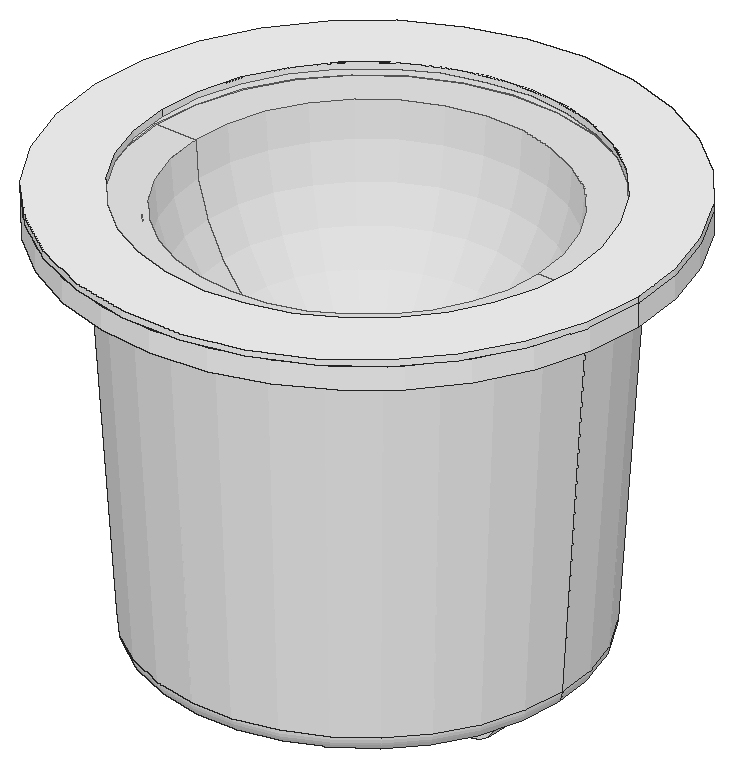
Revit family "2058884 Feilo Sylvania Lighting Fixture MYRD IP ST 3K PHDM BLK WBEZ", category Lighting Fixtures, host Face, Revit 2017
Family settings
  Host = Face
  Round Connector Dimension = Use Diameter
  Part Type = Normal
  OmniClass Number = 23.80.70.11.17
  OmniClass Title = Specialized Lighting by Location or Use
  Cut with Voids When Loaded = No
  Light Source = Yes
  Shared = No
  Room Calculation Point = No
Parameters
  Weight = "0.44 kg"
  Wattage = 10 W
  WarrantyStartDate [instance] = "n/a"
  WarrantyGuarantorParts = "n/a"
  WarrantyDurationUnit = "n/a"
  WarrantyDurationParts = "n/a"
  WarrantyDescription = "n/a"
  built-in parameter 1150110 = 1 (stored number, unit not read)
  Voltage = 230 V
  URL = "http://www.sylvania-lighting.com"
  TypeName = "MYRD IP ST 3K PHDM BLK WBEZ"
  Type Image = 0
  Type Comments = ""
  built-in parameter 1114217 = 1 (stored number, unit not read)
  Tilt Angle = -90°
  built-in parameter 1150109 = 1 (stored number, unit not read)
  built-in parameter 1150134 = (empty or 0)
  built-in parameter 1150113 = 1 (stored number, unit not read)
  SerialNumber [instance] = "n/a"
  Reflector Radius = Cutout Diameter / 2 - 2.5 mm  # 35.0 mm
  Reflector Material = Aluminum_Sylvania_Myriad_Bright
  Recessed Depth = Height  # 72.0 mm
  PowerFactor = 0
  PowerConsumption = "10 W"
  Photometric Web File = ""
  NominalWidth = 0.0 mm
  NominalLength = 76.0 mm
  NominalHeight = 72.0 mm
  Name = "MYRD IP ST 3K PHDM BLK WBEZ"
  ModelReference = "MYRD IP ST 3K PHDM BLK WBEZ"
  ModelNumber = "2058884"
  Material = "Aluminium"
  ManufacturerName = "Feilo Sylvania"
  LuminousEfficacy = "111 lm/W"
  LuminaireType = "Ceiling recessed"
  LightOutputRatio = "1"
  LampsType = Lamp  # "LED"
  LampNominalLuminous = "1106 lm"
  LampMacAdamStep = "n/a"
  LampColourTemperature = "3000 K"
  LampColourRenderingIndex = "n/a"
  Keynote = "16500"
  Keynote_2 = "16500"
  InstallationDate [instance] = "n/a"
  InputVoltage = "230-240V~"
  InputNominalFrequency = "50/60 Hz"
  IngressProtection = "IP65"
  ImpactProtectionIndex = "IK02"
  IfcExportType = "IfcLightFixtureType"
  IfcExportAs = "IfcLightFixtureType"
  Height = 72.0 mm  # constant formula
  ExpectedLife = 50000
  Emit from Circle Diameter = Accessory Inner Diameter 2  # 68.0 mm
  Emit Shape Visible in Rendering = no
  ElectricShockClassification = "Class II"
  DurationUnit = "hours"
  DocumentationLiterature = "http://www.sylvania-lighting.com/product/en-int/products/2058884"
  DimmingControlOptions = "Dimmable"
  Diffuser Material = Glass_Sylvania_Myriad_Clear_4000K
  Diffuser Diameter = Cutout Diameter  # 75.0 mm
  Cutout Diameter = 75.0 mm  # constant formula
  CreatedOn = "03-11-2017"
  CreatedBy = ""
  Cost = 0
  built-in parameter 1114216 [instance] = 1 (stored number, unit not read)
  built-in parameter 1150142 = (empty or 0)
  Model = "MYRD IP ST 3K PHDM BLK WBEZ"
  Manufacturer = "Feilo Sylvania"  # constant formula
  built-in parameter 1150105 = 88.331 (stored number, unit not read)
  Lumens = 1110 lm
  built-in parameter 1150115 = 1 (stored number, unit not read)
  built-in parameter 1150137 = (empty or 0)
  built-in parameter 1150139 = (empty or 0)
  built-in parameter 1150112 = 1 (stored number, unit not read)
  built-in parameter 1150114 = 1 (stored number, unit not read)
  Lamp = "LED"
  built-in parameter 1150132 = (empty or 0)
  built-in parameter 1150102 = (empty or 0)
  built-in parameter 1150107 = 3000 (stored number, unit not read)
  built-in parameter 1150138 = (empty or 0)
  built-in parameter 1150106 = 0.88331 (stored number, unit not read)
  built-in parameter 1150104 = 10.312 (stored number, unit not read)
  Dimming Lamp Color Temperature Shift = (empty or 0)
  Description = "Supplied complete with electronic control gear Compact Fluorescent low energy downlight Emergency version passes through the cut out Ideal for low level orientation lighting New range of Architectural accessories each providing a different lit dimension New completely flush plaster up accessory ring for clean ceiling lines and smooth finish Order lamp separately"  # constant formula
  Default Elevation = 0.0 mm
  Color Filter = 16777215
  built-in parameter 1140040 [instance] = 1
  Body Radius = Reflector Radius + 1.5 mm  # 36.5 mm
  Body Material = Aluminum_Sylvania_Myriad_Gray
  BarCode [instance] = "n/a"
  built-in parameter 1114218 = 1 (stored number, unit not read)
  built-in parameter 1150133 = 10 (stored number, unit not read)
  AssetType = "Fixed"
  AssetIdentifier [instance] = "n/a"
  Assembly Code = "D5020200"
  Apparent Load = 10 VA
  Accessory Material = Aluminum_Sylvania_Myriad_White
  Accessory Inner Diameter 2 = Accessory Diameter - 22.0 mm  # 68.0 mm
  Accessory Inner Diameter 1 = Accessory Diameter - 2.0 mm  # 88.0 mm
  Accessory Diameter = Cutout Diameter + 15.0 mm  # 90.0 mm
Reference planes
  plane 1 "Center (Front/Back)": y = 0
  plane 2: z = 0
  plane 3 "Center (Left/Right)": x = 0
  plane 4: z = 2
  plane 5 "Fixture Bottom": z = 4.5
  plane 6: z = -28.5
  plane 7: z = -61.5
  plane 8 "Fixture Top": z = -67.5
  plane 9: z = 3.5
Forms (mm)
  Revolve 1, solid, material "Aluminum_Sylvania_Myriad_Bright" <- "Reflector Material", detail levels fine
    sketch origin (0, 0, 0) x (1, 0, 0) y (0, 0, 1)
      loop
        line (0, -27.515) -> (-6, -27.515)
        arc (-6, -27.515) -> (-22.333, -16.632) -> (-28.5, 2) r 30.135
        line (-28.5, 2) -> (-35, 2) -> (-35, 0) -> (-29.184, 0)
        arc (-29.184, 0) -> (-22.423, -18.18) -> (-6, -28.5) r 30.204
        line (-6, -28.5) -> (0, -28.5) -> (0, -27.515)
      axis (0, -28.5) -> (0, 2)
    angle from 0 to 360
  Revolve 2, solid, material "Aluminum_Sylvania_Myriad_Gray" <- "Body Material", detail levels fine
    sketch origin (0, 0, 0) x (1, 0, 0) y (0, 0, 1)
      loop
        line (-44, 2) -> (-44, 0) -> (-36.5, 0) -> (-32.42, -58.708)
        arc (-32.42, -58.708) -> (-31.474, -60.694) -> (-29.428, -61.5) r 3
        line (-29.428, -61.5) -> (0, -61.5) -> (0, -28.5) -> (-6, -28.5)
        arc (-6, -28.5) -> (-22.423, -18.18) -> (-29.184, 0) r 30.204
        line (-29.184, 0) -> (-35, 0) -> (-35, 2) -> (-44, 2)
      axis (0, 2) -> (0, -61.5)
    angle from 0 to 360
  Extrusion 3, solid, material "Aluminum_Sylvania_Myriad_Gray" <- "Body Material", detail levels fine
    sketch origin (0, 0, 0) x (1, 0, 0) y (0, 0, 1)
      loop
        line (-13.5, -67.5) -> (21, -67.5)
        arc (21, -67.5) -> (23.828, -66.328) -> (25, -63.5) r 4
        line (25, -63.5) -> (25, -61.5) -> (-17.5, -61.5) -> (-17.5, -63.5)
        arc (-17.5, -63.5) -> (-16.328, -66.328) -> (-13.5, -67.5) r 4
    from -4.5 to 4.5
  Extrusion 4, solid, material "Aluminum_Sylvania_Myriad_White" <- "Accessory Material", detail levels fine
    sketch origin (0, 0, 0) x (1, 0, 0) y (0, 1, 0)
      loop
        circle (0, 0) r 45
      loop
        circle (0, 0) r 44
    from 0 to 3.5
  Extrusion 5, solid, material "Aluminum_Sylvania_Myriad_White" <- "Accessory Material", detail levels fine
    sketch origin (0, 0, 0) x (1, 0, 0) y (0, 1, 0)
      loop
        circle (0, 0) r 45
      loop
        circle (0, 0) r 34
    from 3.5 to 4.5
  Extrusion 6, solid, material "Aluminum_Sylvania_Myriad_White" <- "Accessory Material", detail levels coarse+medium
    sketch origin (0, 0, 0) x (1, 0, 0) y (0, 1, 0)
      loop
        circle (0, 0) r 45
    from 0 to 4.5
  Revolve 7, solid, detail levels coarse+medium
    sketch origin (0, 0, 0) x (1, 0, 0) y (0, 0, 1)
      loop
        line (36.5, 0) -> (0, 0) -> (0, -61.5) -> (32.226, -61.5) -> (36.5, 0)
      axis (0, 0) -> (0, -61.5)
    angle from 0 to 360
  Extrusion 8, void
    sketch origin (0, 0, 0) x (1, 0, 0) y (0, 1, 0)
      loop
        circle (0, 0) r 37.5
    from -67.5 to 0
  Extrusion 9, solid, material "Glass_Sylvania_Myriad_Clear_4000K" <- "Diffuser Material", detail levels fine
    sketch origin (0, 0, 0) x (1, 0, 0) y (0, 1, 0)
      loop
        circle (0, 0) r 37.5
    from 2 to 3.5
Cuts and joins
  joined: Extrusion 4, Extrusion 5
Lines and regions (mm)
  Masking region 1
    outline origin (0, 0, 0) x (1, 0, 0) y (0, 1, 0)
      loop
        circle (0, 0) r 45
  symbolic lines
    curve 1: arc (-34, 0, 0) -> (0, 34, 0) -> (34, 0, 0) r 34
    curve 2: arc (34, 0, 0) -> (0, -34, 0) -> (-34, 0, 0) r 34
Dimensions and locks
  locked: plane 7 to plane 8 "Fixture Top" at 6
  "Body Radius": Revolve 7 sketch curve to plane 3 "Center (Left/Right)"
  locked: Revolve 7 sketch curve to Revolve 7 sketch curve at 4.274
  plane 5 "Fixture Bottom" to plane 9 to plane 4 to plane 2 to plane 6 = 1.0 mm locked, 1.5 mm locked, 2.0 mm locked, 28.5 mm locked
  "Reflector Radius": Revolve 1 sketch curve to plane 3 "Center (Left/Right)"
  Revolve 1 sketch curve to Revolve 1 sketch curve to Revolve 1 sketch curve to Revolve 1 sketch curve = 6.5 mm locked, 22.5 mm locked, 0.0 mm locked
  "Reflector Radius": plane 3 "Center (Left/Right)" to Revolve 2 sketch curve
  Revolve 2 sketch curve to Revolve 2 sketch curve to Revolve 2 sketch curve = 7.5 mm locked, 1.5 mm locked
  Revolve 2 sketch curve to Revolve 2 sketch curve to Revolve 2 sketch curve = 5.816 mm locked, 23.184 mm locked
  Revolve 2 sketch curve to Revolve 2 sketch curve to Revolve 2 sketch curve = 2.58 mm locked, 2.993 mm locked
  "Accessory Diameter": diameter of Extrusion 4 sketch curve
  "Accessory Inner Diameter 1": diameter of Extrusion 4 sketch curve
  "Accessory Diameter": diameter of Extrusion 5 sketch curve
  "Accessory Diameter": diameter of Extrusion 6 sketch curve
  "Cutout Diameter": diameter of Extrusion 8 sketch curve
  "Accessory Inner Diameter 2": diameter of Extrusion 5 sketch curve
  "Diffuser Diameter": diameter of Extrusion 9 sketch curve
  aligned and locked: plane 2 to host face
  aligned and locked: level to host face
  aligned and locked: plane 1 "Center (Front/Back)" to imposter light
  aligned and locked: plane 3 "Center (Left/Right)" to imposter light
  aligned and locked: Revolve 1 sketch curve to imposter light
  aligned and locked: Extrusion 3 sketch curve to plane 8 "Fixture Top"
  aligned and locked: plane 7 to Extrusion 3 sketch curve
  aligned and locked: Extrusion 4 to plane 2
  aligned and locked: plane 9 to Extrusion 4
  aligned and locked: Extrusion 5 to plane 9
  aligned and locked: plane 5 "Fixture Bottom" to Extrusion 5
  aligned and locked: Extrusion 6 to plane 2
  aligned and locked: plane 5 "Fixture Bottom" to Extrusion 6
  aligned and locked: Extrusion 8 to plane 8 "Fixture Top"
  aligned and locked: plane 2 to Extrusion 8
  aligned and locked: Masking region 1 sketch curve to Extrusion 6  (x2)
  aligned and locked: Extrusion 9 to plane 4
  aligned and locked: plane 9 to Extrusion 9
  aligned and locked: plane 4 to Revolve 2 sketch curve
  aligned and locked: Revolve 2 sketch curve to plane 2
  aligned and locked: curve 1 to cut or joined group of Extrusion 4, Extrusion 5
  aligned and locked: curve 2 to cut or joined group of Extrusion 4, Extrusion 5
  aligned and locked: imposter light to plane 5 "Fixture Bottom"
Automatic sketch dimensions
  host sketch curve to host sketch curve = 1305.563 mm
  host sketch curve to host sketch curve = 1283.632 mm
  Extrusion 3 sketch curve to plane 7 = 2.0 mm
  Extrusion 3 sketch curve to plane 3 "Center (Left/Right)" = 13.5 mm
  plane 3 "Center (Left/Right)" to Extrusion 3 sketch curve = 21.0 mm
  Extrusion 3 sketch curve to Extrusion 3 sketch curve = 4.0 mm
  Revolve 1 sketch curve to level = 0.0 mm
  Revolve 1 sketch curve to plane 3 "Center (Left/Right)" = 0.0 mm
  Revolve 1 sketch curve to plane 6 = 0.0 mm
  Revolve 1 sketch curve to plane 4 = 0.0 mm
  Revolve 1 sketch curve to Revolve 1 sketch curve = 0.684 mm
  level to Revolve 1 sketch curve = 0.88 mm
  Revolve 1 sketch curve to plane 4 = 0.363 mm
  Revolve 1 sketch curve to Revolve 1 sketch curve = 0.625 mm
  Revolve 1 sketch curve to plane 8 "Fixture Top" = 232.8 mm
  plane 5 "Fixture Bottom" to Revolve 1 sketch curve = 291.243 mm
  Revolve 2 sketch curve to plane 3 "Center (Left/Right)" = 0.0 mm  (x2)
  Revolve 2 sketch curve to plane 7 = 0.0 mm
  Revolve 2 sketch curve to plane 6 = 0.0 mm
  Revolve 2 sketch curve to level = 0.0 mm
  level to Revolve 2 sketch curve = 0.88 mm
  plane 7 to Revolve 2 sketch curve = 2.792 mm
  Revolve 2 sketch curve to plane 8 "Fixture Top" = 304.774 mm
  plane 5 "Fixture Bottom" to Revolve 2 sketch curve = 1137.105 mm
  Extrusion 4 sketch curve to Extrusion 4 sketch curve = 0.0 mm  (x2)
  plane 1 "Center (Front/Back)" to Extrusion 4 sketch curve = 0.0 mm
  Extrusion 4 sketch curve to plane 3 "Center (Left/Right)" = 0.0 mm
  Extrusion 5 sketch curve to Extrusion 5 sketch curve = 0.0 mm  (x2)
  plane 1 "Center (Front/Back)" to Extrusion 5 sketch curve = 0.0 mm
  Extrusion 5 sketch curve to plane 3 "Center (Left/Right)" = 0.0 mm
  plane 1 "Center (Front/Back)" to Extrusion 6 sketch curve = 0.0 mm
  Extrusion 6 sketch curve to plane 3 "Center (Left/Right)" = 0.0 mm
  Revolve 7 sketch curve to level = 0.0 mm
  Revolve 7 sketch curve to plane 3 "Center (Left/Right)" = 0.0 mm  (x2)
  Revolve 7 sketch curve to plane 7 = 0.0 mm
  Revolve 7 sketch curve to plane 8 "Fixture Top" = 304.774 mm
  plane 5 "Fixture Bottom" to Revolve 7 sketch curve = 43.226 mm
  plane 1 "Center (Front/Back)" to Extrusion 8 sketch curve = 0.0 mm
  Extrusion 8 sketch curve to plane 3 "Center (Left/Right)" = 0.0 mm
  plane 1 "Center (Front/Back)" to Extrusion 9 sketch curve = 0.0 mm
  Extrusion 9 sketch curve to plane 3 "Center (Left/Right)" = 0.0 mm
Connectors
  electrical at (-0.006, -0.019, -67.5), driven by "Apparent Load", driven by "Apparent Load"
    settings: on plane 8 "Fixture Top", index 1, voltage 230 V, apparent load 10 VA, apparent load phase1 10 VA, apparent load phase2 0 VA, apparent load phase3 0 VA, power factor 1, load classification "Lighting", number of poles 1, system type 30, power factor state 1, is connector primary yes, connector utility no, sub classification motor no, connector description ""
